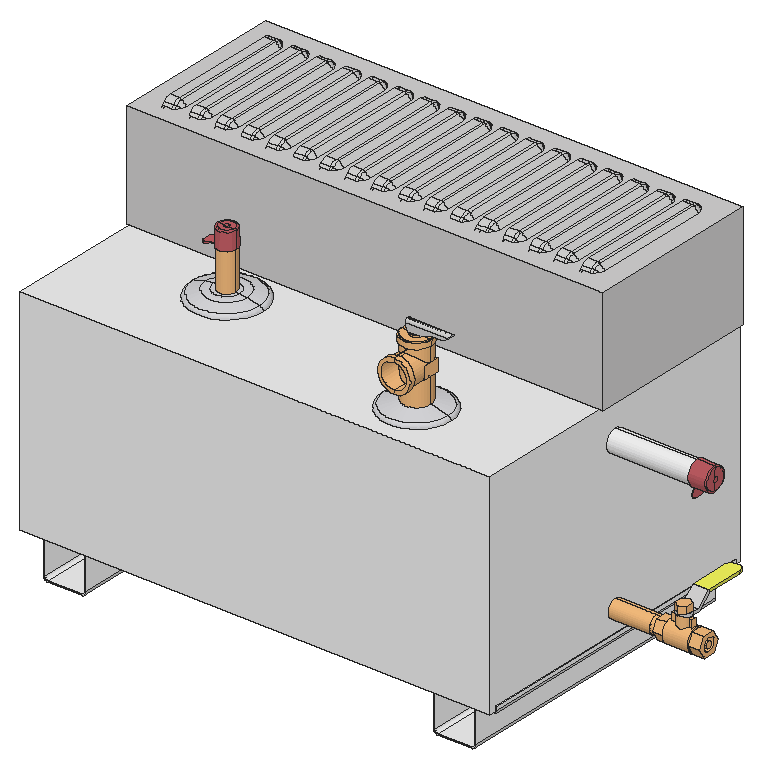
Revit family "Shower-Steam_Generator-KOHLER-Invigoration_Series-K-32334", category Plumbing Fixtures, host Face, Revit 2021 (continued)
Definition of nested family "K-32334"
  Lines and regions (in)
    Masking region 2
      outline origin (0, 0, 0) x (1, 0, 0) y (0, 0, 1)
        loop
          line (-8.96806, 4.8215) -> (-8.84613, 4.94343) -> (-8.84613, 5.37969) -> (-9.04298, 5.37969) -> (-9.04298, 5.68322)
          arc (-9.04298, 5.68322) -> (-9.02345, 5.78138) -> (-8.96785, 5.8646) r 0.25651
          line (-8.96785, 5.8646) -> (-8.84591, 5.98653) -> (-8.84591, 6.42279) -> (-9.04276, 6.42279) -> (-9.04276, 6.72632)
          arc (-9.04276, 6.72632) -> (-9.02324, 6.82448) -> (-8.96764, 6.90769) r 0.25651
          line (-8.96764, 6.90769) -> (-8.8457, 7.02963) -> (-8.8457, 7.46589) -> (-9.04255, 7.46589) -> (-9.04255, 7.76941)
          arc (-9.04255, 7.76941) -> (-9.02303, 7.86758) -> (-8.96742, 7.95079) r 0.25651
          line (-8.96742, 7.95079) -> (-8.84549, 8.07273) -> (-8.84549, 8.46199)
          arc (-8.84549, 8.46199) -> (-8.85054, 8.49091) -> (-8.85927, 8.51894) r 0.22767
          line (-8.85927, 8.51894) -> (-8.89475, 8.61134)
          arc (-8.89475, 8.61134) -> (-8.90291, 8.64358) -> (-8.90566, 8.67672) r 0.20122
          line (-8.90566, 8.67672) -> (-8.90566, 9.03915) -> (-8.90566, 9.33683) -> (-8.86622, 9.33683) -> (-8.86622, 9.48819)
          arc (-8.86622, 9.48819) -> (-8.84316, 9.54387) -> (-8.78748, 9.56693) r 0.07874
          arc (-8.78748, 9.56693) -> (-8.84316, 9.58999) -> (-8.86622, 9.64567) r 0.07874
          line (-8.86622, 9.64567) -> (-8.86622, 12.79703) -> (-8.90551, 12.79703) -> (-8.90551, 12.69562) -> (-8.9685, 12.69562) -> (-8.9685, 12.79013) -> (-9.22256, 12.79013) -> (-9.22256, 12.94788) -> (-8.9685, 12.94788) -> (-8.9685, 13.47515)
          arc (-8.9685, 13.47515) -> (-8.95005, 13.51969) -> (-8.90551, 13.53937) r 0.06299
          line (-8.90551, 13.53937) -> (-8.1811, 13.53937) -> (-8.1811, 13.73509) -> (-7.83239, 13.73509)
          arc (-7.83239, 13.73509) -> (-7.78719, 13.7261) -> (-7.74887, 13.7005) r 0.11811
          line (-7.74887, 13.7005) -> (-7.58775, 13.53937) -> (-7.19291, 13.53937) -> (-7.19291, 13.73509) -> (-6.8442, 13.73509)
          arc (-6.8442, 13.73509) -> (-6.799, 13.7261) -> (-6.76068, 13.7005) r 0.11811
          line (-6.76068, 13.7005) -> (-6.59956, 13.53937) -> (-6.21088, 13.53937) -> (-6.21088, 13.73509) -> (-5.86216, 13.73509)
          arc (-5.86216, 13.73509) -> (-5.81697, 13.7261) -> (-5.77865, 13.7005) r 0.11811
          line (-5.77865, 13.7005) -> (-5.61752, 13.53937) -> (-5.22576, 13.53937) -> (-5.22576, 13.73509) -> (-4.87705, 13.73509)
          arc (-4.87705, 13.73509) -> (-4.83185, 13.7261) -> (-4.79353, 13.7005) r 0.11811
          line (-4.79353, 13.7005) -> (-4.63241, 13.53937) -> (-4.24373, 13.53937) -> (-4.24373, 13.73509) -> (-3.89501, 13.73509)
          arc (-3.89501, 13.73509) -> (-3.84981, 13.7261) -> (-3.8115, 13.7005) r 0.11811
          line (-3.8115, 13.7005) -> (-3.65037, 13.53937) -> (-3.25554, 13.53937) -> (-3.25554, 13.73509) -> (-2.90682, 13.73509)
          arc (-2.90682, 13.73509) -> (-2.86163, 13.7261) -> (-2.82331, 13.7005) r 0.11811
          line (-2.82331, 13.7005) -> (-2.66218, 13.53937) -> (-2.27196, 13.53937) -> (-2.27196, 13.73509) -> (-1.92325, 13.73509)
          arc (-1.92325, 13.73509) -> (-1.87805, 13.7261) -> (-1.83973, 13.7005) r 0.11811
          line (-1.83973, 13.7005) -> (-1.6786, 13.53937) -> (-1.2849, 13.53937) -> (-1.2849, 13.73509) -> (-0.93619, 13.73509)
          arc (-0.93619, 13.73509) -> (-0.89099, 13.7261) -> (-0.85268, 13.7005) r 0.11811
          line (-0.85268, 13.7005) -> (-0.69155, 13.53937) -> (-0.30527, 13.53937) -> (-0.30527, 13.73509) -> (0.04345, 13.73509)
          arc (0.04345, 13.73509) -> (0.08864, 13.7261) -> (0.12696, 13.7005) r 0.11811
          line (0.12696, 13.7005) -> (0.28809, 13.53937) -> (0.68102, 13.53937) -> (0.68102, 13.73509) -> (1.02973, 13.73509)
          arc (1.02973, 13.73509) -> (1.07493, 13.7261) -> (1.11325, 13.7005) r 0.11811
          line (1.11325, 13.7005) -> (1.27438, 13.53937) -> (1.665, 13.53937) -> (1.665, 13.73509) -> (2.01372, 13.73509)
          arc (2.01372, 13.73509) -> (2.05891, 13.7261) -> (2.09723, 13.7005) r 0.11811
          line (2.09723, 13.7005) -> (2.25836, 13.53937) -> (2.64975, 13.53937) -> (2.64975, 13.73509) -> (2.99847, 13.73509)
          arc (2.99847, 13.73509) -> (3.04366, 13.7261) -> (3.08198, 13.7005) r 0.11811
          line (3.08198, 13.7005) -> (3.24311, 13.53937) -> (3.63374, 13.53937) -> (3.63374, 13.73509) -> (3.98245, 13.73509)
          arc (3.98245, 13.73509) -> (4.02765, 13.7261) -> (4.06596, 13.7005) r 0.11811
          line (4.06596, 13.7005) -> (4.22709, 13.53937) -> (4.61849, 13.53937) -> (4.61849, 13.73509) -> (4.9672, 13.73509)
          arc (4.9672, 13.73509) -> (5.0124, 13.7261) -> (5.05071, 13.7005) r 0.11811
          line (5.05071, 13.7005) -> (5.21184, 13.53937) -> (5.60324, 13.53937) -> (5.60324, 13.73509) -> (5.95195, 13.73509)
          arc (5.95195, 13.73509) -> (5.99715, 13.7261) -> (6.03546, 13.7005) r 0.11811
          line (6.03546, 13.7005) -> (6.19659, 13.53937) -> (6.58568, 13.53937) -> (6.58568, 13.73509) -> (6.93439, 13.73509)
          arc (6.93439, 13.73509) -> (6.97959, 13.7261) -> (7.01791, 13.7005) r 0.11811
          line (7.01791, 13.7005) -> (7.17904, 13.53937) -> (7.5712, 13.53937) -> (7.5712, 13.73509) -> (7.91991, 13.73509)
          arc (7.91991, 13.73509) -> (7.96511, 13.7261) -> (8.00343, 13.7005) r 0.11811
          line (8.00343, 13.7005) -> (8.16455, 13.53937) -> (8.90551, 13.53937)
          arc (8.90551, 13.53937) -> (8.95005, 13.52092) -> (8.9685, 13.47638) r 0.06299
          line (8.9685, 13.47638) -> (8.9685, 12.69562) -> (8.86614, 12.69562) -> (8.86614, 9.64567)
          arc (8.86614, 9.64567) -> (8.84308, 9.58999) -> (8.7874, 9.56693) r 0.07874
          arc (8.7874, 9.56693) -> (8.84308, 9.54387) -> (8.86614, 9.48819) r 0.07874
          line (8.86614, 9.48819) -> (8.86614, 9.33662) -> (8.90551, 9.33662) -> (8.90551, 8.63656) -> (11.91339, 8.63656) -> (11.9685, 8.63469) -> (11.9685, 8.67413) -> (12.59586, 8.65222)
          arc (12.59586, 8.65222) -> (12.62281, 8.64022) -> (12.63386, 8.61287) r 0.03937
          line (12.63386, 8.61287) -> (12.63386, 8.22441) -> (12.63386, 7.83595)
          arc (12.63386, 7.83595) -> (12.62281, 7.8086) -> (12.59586, 7.7966) r 0.03937
          line (12.59586, 7.7966) -> (12.00244, 7.77588) -> (12.00244, 7.4267) -> (11.9685, 7.4267) -> (11.9685, 7.77469) -> (11.9685, 7.81412) -> (11.91339, 7.81225) -> (8.86614, 7.81225) -> (8.86614, 2.89247) -> (10.43701, 2.89247) -> (10.61381, 2.88699) -> (10.61381, 2.9401) -> (10.98905, 2.9401) -> (10.98905, 2.98291) -> (11.08211, 2.98204) -> (11.08211, 3.25783) -> (11.20932, 3.25783) -> (11.20932, 3.30684) -> (11.15807, 3.30684) -> (11.15807, 3.40685) -> (11.15807, 3.8346) -> (11.75843, 3.8346) -> (11.75843, 3.40685) -> (11.75843, 3.30684) -> (11.70719, 3.30684) -> (11.70719, 3.25783) -> (11.8344, 3.25783) -> (11.8344, 2.98204) -> (11.92745, 2.98291) -> (11.92745, 2.9401) -> (12.39272, 2.9401) -> (12.39272, 2.55906) -> (12.39272, 2.17801) -> (11.92745, 2.17801) -> (11.92745, 2.13128) -> (10.98905, 2.13128) -> (10.98905, 2.176) -> (10.61353, 2.176) -> (10.61353, 2.22922) -> (10.43701, 2.22318) -> (8.86614, 2.22318) -> (8.86614, 1.54208)
          arc (8.86614, 1.54208) -> (8.87773, 1.55597) -> (8.88189, 1.57357) r 0.03937
          line (8.88189, 1.57357) -> (8.88189, 1.73105) -> (8.92126, 1.73105) -> (8.92126, 1.57357)
          arc (8.92126, 1.57357) -> (8.8982, 1.5179) -> (8.84252, 1.49483) r 0.07874
          line (8.84252, 1.49483) -> (8.24803, 1.49483)
          arc (8.24803, 1.49483) -> (8.16451, 1.46024) -> (8.12992, 1.37672) r 0.11811
          line (8.12992, 1.37672) -> (8.12992, 0.15748)
          arc (8.12992, 0.15748) -> (8.0838, 0.04612) -> (7.97244, 0) r 0.15748
          line (7.97244, 0) -> (6.70472, 0)
          arc (6.70472, 0) -> (6.59337, 0.04612) -> (6.54724, 0.15748) r 0.15748
          line (6.54724, 0.15748) -> (6.54724, 1.37672)
          arc (6.54724, 1.37672) -> (6.51265, 1.46024) -> (6.42913, 1.49483) r 0.11811
          line (6.42913, 1.49483) -> (6.0748, 1.49483) -> (6.0748, 1.5342) -> (-6.0748, 1.5342) -> (-6.0748, 1.49483) -> (-6.42913, 1.49483)
          arc (-6.42913, 1.49483) -> (-6.51265, 1.46024) -> (-6.54724, 1.37672) r 0.11811
          line (-6.54724, 1.37672) -> (-6.54724, 0.15748)
          arc (-6.54724, 0.15748) -> (-6.59337, 0.04612) -> (-6.70472, 0) r 0.15748
          line (-6.70472, 0) -> (-7.97244, 0)
          arc (-7.97244, 0) -> (-8.0838, 0.04612) -> (-8.12992, 0.15748) r 0.15748
          line (-8.12992, 0.15748) -> (-8.12992, 1.37672)
          arc (-8.12992, 1.37672) -> (-8.16451, 1.46024) -> (-8.24803, 1.49483) r 0.11811
          line (-8.24803, 1.49483) -> (-8.84252, 1.49483)
          arc (-8.84252, 1.49483) -> (-8.8982, 1.5179) -> (-8.92126, 1.57357) r 0.07874
          line (-8.92126, 1.57357) -> (-8.92126, 1.73105) -> (-8.88189, 1.73105) -> (-8.88189, 1.57357)
          arc (-8.88189, 1.57357) -> (-8.87036, 1.54573) -> (-8.84252, 1.5342) r 0.03937
        loop
          line (8.24803, 1.5342) -> (6.42913, 1.5342)
          arc (6.42913, 1.5342) -> (6.54049, 1.48808) -> (6.58661, 1.37672) r 0.15748
          line (6.58661, 1.37672) -> (6.58661, 0.15625)
          arc (6.58661, 0.15625) -> (6.62121, 0.07273) -> (6.70472, 0.03814) r 0.11811
          line (6.70472, 0.03814) -> (7.97244, 0.03814)
          arc (7.97244, 0.03814) -> (8.05596, 0.07273) -> (8.09055, 0.15625) r 0.11811
          line (8.09055, 0.15625) -> (8.09055, 1.37672)
          arc (8.09055, 1.37672) -> (8.13668, 1.48808) -> (8.24803, 1.5342) r 0.15748
        loop
          arc (-8.24803, 1.5342) -> (-8.13668, 1.48808) -> (-8.09055, 1.37672) r 0.15748
          line (-8.09055, 1.37672) -> (-8.09055, 0.15625)
          arc (-8.09055, 0.15625) -> (-8.05596, 0.07273) -> (-7.97244, 0.03814) r 0.11811
          line (-7.97244, 0.03814) -> (-6.70472, 0.03814)
          arc (-6.70472, 0.03814) -> (-6.62121, 0.07273) -> (-6.58661, 0.15625) r 0.11811
          line (-6.58661, 0.15625) -> (-6.58661, 1.37672)
          arc (-6.58661, 1.37672) -> (-6.54049, 1.48808) -> (-6.42913, 1.5342) r 0.15748
          line (-6.42913, 1.5342) -> (-8.24803, 1.5342)
    Masking region 3
      outline origin (0, 0, 0) x (1, 0, 0) y (0, 1, 0)
        loop
          line (-8.9685, 5.86811) -> (-8.9685, 5.75009) -> (-9.22301, 5.75009) -> (-9.22301, 5.59248) -> (-8.9685, 5.59248) -> (-8.9685, 5.11323)
          arc (-8.9685, 5.11323) -> (-9.02383, 5.03327) -> (-9.04331, 4.93801) r 0.2426
          line (-9.04331, 4.93801) -> (-9.04331, 3.13637)
          arc (-9.04331, 3.13637) -> (-9.02379, 3.04283) -> (-8.9685, 2.9649) r 0.23393
          line (-8.9685, 2.9649) -> (-8.9685, -0.70669) -> (-8.92126, -0.70669) -> (-8.92126, -2.93435) -> (-8.97074, -2.98383)
          arc (-8.97074, -2.98383) -> (-9.02445, -3.06421) -> (-9.04331, -3.15903) r 0.24776
          line (-9.04331, -3.15903) -> (-9.04331, -4.95923)
          arc (-9.04331, -4.95923) -> (-9.02533, -5.04963) -> (-8.97412, -5.12626) r 0.23622
          line (-8.97412, -5.12626) -> (-8.92126, -5.17912) -> (-8.92126, -5.63974) -> (-8.86618, -5.63974) -> (-8.86618, -5.86811) -> (8.92126, -5.86811) -> (8.92126, -0.70667) -> (8.9685, -0.70667) -> (8.9685, -0.42325) -> (10.61417, -0.42325) -> (10.61417, -0.45402) -> (10.98889, -0.45402) -> (10.98889, -0.42325) -> (11.96844, -0.42325) -> (11.96844, -0.45992) -> (12.59586, -0.43801)
          arc (12.59586, -0.43801) -> (12.62281, -0.42601) -> (12.63386, -0.39866) r 0.03937
          line (12.63386, -0.39866) -> (12.63386, -0.00984) -> (12.63386, 0.37898)
          arc (12.63386, 0.37898) -> (12.62281, 0.40633) -> (12.59586, 0.41832) r 0.03937
          line (12.59586, 0.41832) -> (11.96844, 0.44023) -> (11.96844, 0.40357) -> (11.758, 0.40357) -> (11.758, 2.23515)
          arc (11.758, 2.23515) -> (11.45813, 2.53502) -> (11.15826, 2.23515) r 0.29987
          line (11.15826, 2.23515) -> (11.15826, 0.40357) -> (10.98889, 0.40357) -> (10.98889, 0.43433) -> (10.61417, 0.43433) -> (10.61417, 0.40357) -> (8.9685, 0.40357) -> (8.9685, 5.86811) -> (-8.9685, 5.86811)
    symbolic lines, detail levels medium+fine
      curve 1: line (0, -3.92137, 12.11615) -> (0, -3.95316, 12.11615)
      curve 2: line (0, -3.92137, 12.11615) -> (0, -3.92137, 12.38217)
      curve 3: line (0, -4.09019, 12.11615) -> (0, -4.09019, 12.38217)
      curve 4: line (0, -3.95316, 12.11615) -> (0, -4.0584, 12.11615)
      curve 5: line (0, -3.95316, 12.11615) -> (0, -3.95316, 12.23592)
      curve 6: line (0, -4.0584, 12.11615) -> (0, -4.0584, 12.23592)
      curve 7: line (0, -4.0584, 12.11615) -> (0, -4.09019, 12.11615)
      curve 8: arc (0, -3.93239, 12.33255) -> (0, -4.00578, 12.38027) -> (0, -4.07918, 12.33255) r 0.0803
      curve 9: arc (0, -4.0584, 12.23592) -> (0, -4.04859, 12.28858) -> (0, -4.07918, 12.33255) r 0.06945
      curve 10: arc (0, -3.95316, 12.23592) -> (0, -3.96297, 12.28857) -> (0, -3.93239, 12.33255) r 0.06945
      curve 11: line (0, 5.62992, 1.53543) -> (0, -5.63976, 1.53543)
      curve 12: line (0, 5.62992, 1.49483) -> (0, -5.63976, 1.49483)
      curve 13: arc (0, 5.76971, 12.86885) -> (0, 5.67128, 12.77042) -> (0, 5.57286, 12.86885) r 0.09843
      curve 14: arc (0, 5.57286, 12.86885) -> (0, 5.67128, 12.96727) -> (0, 5.76971, 12.86885) r 0.09843
      curve 15: arc (0, 5.75002, 12.86885) -> (0, 5.67128, 12.94759) -> (0, 5.59254, 12.86885) r 0.07874
      curve 16: arc (0, 5.59254, 12.86885) -> (0, 5.67128, 12.79011) -> (0, 5.75002, 12.86885) r 0.07874
      curve 17: line (0, -5.26279, 9.56693) -> (0, -1.04434, 9.56693)
      curve 18: arc (0, -2.85366, 9.70264) -> (0, -3.00272, 9.74952) -> (0, -3.1535, 9.79048) r 3.96332
      curve 19: arc (0, -2.74899, 9.56693) -> (0, -2.78073, 9.65067) -> (0, -2.85366, 9.70264) r 0.15416
      curve 20: line (0, -4.53708, 9.85827) -> (0, -3.47464, 9.85768)
      curve 21: line (0, -5.16334, 9.69925) -> (0, -2.85366, 9.70264)
      curve 22: line (0, -2.67757, 9.86102) -> (0, -2.00784, 9.86102)
      curve 23: line (0, -1.11089, 9.68361) -> (0, -2.85366, 9.70264)
      curve 24: line (0, -3.69162, 11.29819) -> (0, -4.32094, 11.29819)
      curve 25: line (0, -4.32094, 11.29819) -> (0, -4.32094, 10.84562)
      curve 26: line (0, -4.32094, 10.84562) -> (0, -3.69162, 10.84562)
      curve 27: line (0, -3.69162, 10.84562) -> (0, -3.69162, 11.29819)
      curve 28: arc (0, -4.53708, 11.67202) -> (0, -4.36978, 11.52003) -> (0, -4.19106, 11.38167) r 2.87177
      curve 29: arc (0, -4.19106, 11.38167) -> (0, -4.10275, 11.33089) -> (0, -4.00628, 11.29819) r 0.52302
      curve 30: arc (0, -4.53708, 10.5327) -> (0, -4.41963, 10.63853) -> (0, -4.299, 10.74071) r 5.1795
      curve 31: arc (0, -4.299, 10.74071) -> (0, -4.2257, 10.79617) -> (0, -4.14821, 10.84562) r 1.15289
      curve 32: line (0, -4.87186, 11.67202) -> (0, -4.87186, 10.5327)
      curve 33: line (0, -4.53708, 11.84909) -> (0, -3.47464, 11.84909)
      curve 34: line (0, -4.53743, 12.04594) -> (0, -3.47428, 12.04594)
      curve 35: line (0, -4.24209, 12.0854) -> (0, -3.76962, 12.0854)
      curve 36: line (0, -4.12396, 12.11615) -> (0, -4.09019, 12.11615)
      curve 37: line (0, -3.92137, 12.11615) -> (0, -3.88776, 12.11615)
      curve 38: arc (0, -4.09019, 12.38217) -> (0, -4.00578, 12.46658) -> (0, -3.92137, 12.38217) r 0.08441
      curve 39: line (0, -2.67757, 11.31999) -> (0, -2.00784, 11.31999)
      curve 40: line (0, -2.6932, 11.94186) -> (0, -1.99221, 11.94186)
      curve 41: line (0, -0.27308, 3.65714) -> (0, 0.25261, 3.65714)
      curve 42: line (0, 0.25261, 3.65714) -> (0, 0.25261, 3.40693)
      curve 43: line (0, 0.25261, 3.40693) -> (0, 0.30593, 3.40693)
      curve 44: line (0, 0.30593, 3.40693) -> (0, 0.80959, 3.83434)
      curve 45: line (0, 0.80959, 3.83434) -> (0, 2.53801, 3.83434)
      curve 46: line (0, 2.53801, 3.83434) -> (0, 2.53801, 3.73467)
      curve 47: line (0, 2.53801, 3.73467) -> (0, 0.84662, 3.73467)
      curve 48: line (0, 0.84662, 3.73467) -> (0, 0.34247, 3.30685)
      curve 49: line (0, 0.23874, 3.30685) -> (0, 0.34247, 3.30685)
      curve 50: line (0, 0.23874, 3.30685) -> (0, 0.23874, 2.899)
      curve 51: arc (0, 0.17718, 2.93638) -> (0, -0.00984, 2.98019) -> (0, -0.19686, 2.93638) r 0.42113
      curve 52: line (0, -0.22769, 2.93638) -> (0, -0.24311, 2.90969)
      curve 53: line (0, -0.44554, 2.55906) -> (0, -0.43013, 2.53236)
      curve 54: line (0, -0.22769, 2.18173) -> (0, -0.19686, 2.18173)
      curve 55: line (0, 0.20801, 2.18173) -> (0, 0.22342, 2.20843)
      curve 56: line (0, 0.42586, 2.55906) -> (0, 0.41044, 2.58575)
      curve 57: line (0, 0.20801, 2.93638) -> (0, 0.17718, 2.93638)
      curve 58: line (0, 0.17718, 2.93638) -> (0, -0.19686, 2.93638)
      curve 59: line (0, 0.22342, 2.90969) -> (0, 0.20801, 2.93638)
      curve 60: line (0, 0.41044, 2.58575) -> (0, 0.22342, 2.90969)
      curve 61: arc (0, 0.41044, 2.58575) -> (0, 0.35487, 2.76962) -> (0, 0.22342, 2.90969) r 0.42113
      curve 62: line (0, 0.41044, 2.53236) -> (0, 0.42586, 2.55906)
      curve 63: line (0, 0.22342, 2.20843) -> (0, 0.41044, 2.53236)
      curve 64: arc (0, 0.22342, 2.20843) -> (0, 0.31935, 2.29641) -> (0, 0.38384, 2.40948) r 0.42113
      curve 65: line (0, 0.17718, 2.18173) -> (0, 0.20801, 2.18173)
      curve 66: line (0, -0.19686, 2.18173) -> (0, 0.17718, 2.18173)
      curve 67: arc (0, -0.19686, 2.18173) -> (0, -0.00984, 2.13792) -> (0, 0.17718, 2.18173) r 0.42113
      curve 68: line (0, -0.24311, 2.20843) -> (0, -0.22769, 2.18173)
      curve 69: line (0, -0.43013, 2.53236) -> (0, -0.24311, 2.20843)
      curve 70: arc (0, -0.43013, 2.53236) -> (0, -0.42144, 2.46992) -> (0, -0.40352, 2.40948) r 0.42113
      curve 71: line (0, -0.43013, 2.58575) -> (0, -0.44554, 2.55906)
      curve 72: line (0, -0.24311, 2.90969) -> (0, -0.43013, 2.58575)
      curve 73: arc (0, -0.24311, 2.90969) -> (0, -0.37456, 2.76962) -> (0, -0.43013, 2.58575) r 0.42113
      curve 74: line (0, -0.19686, 2.93638) -> (0, -0.22769, 2.93638)
      curve 75: circle (0, -0.00984, 2.55906) r 0.29715 normal (1, 0, 0)
      curve 76: circle (0, -0.00984, 2.55906) r 0.25074 normal (1, 0, 0)
      curve 77: line (0, -0.40352, 1.73105) -> (0, -0.40352, 2.40948)
      curve 78: arc (0, -0.40352, 2.40948) -> (0, -0.33904, 2.29641) -> (0, -0.24311, 2.20843) r 0.42113
      curve 79: line (0, 0.38384, 1.73105) -> (0, 0.38384, 2.40948)
      curve 80: arc (0, 0.38384, 2.40948) -> (0, 0.40175, 2.46992) -> (0, 0.41044, 2.53236) r 0.42113
      curve 81: line (0, -5.63976, 1.73105) -> (0, -5.63976, 1.53543)
      curve 82: line (0, -5.63976, 1.73105) -> (0, 5.62992, 1.73105)
      curve 83: line (0, 5.62992, 1.73105) -> (0, 5.62992, 1.53543)
      curve 84: circle (0, 2.57772, 10.82159) r 0.86614 normal (1, 0, 0)
      curve 85: line (0, -0.50195, 9.33662) -> (0, -5.86811, 9.33662)
      curve 86: line (0, -0.50195, 9.33662) -> (0, -0.50195, 7.99498)
      curve 87: arc (0, 0.48231, 7.99498) -> (0, 0.41647, 7.74908) -> (0, 0.23657, 7.56898) r 0.49213
      curve 88: line (0, 0.48231, 7.99498) -> (0, 0.48231, 9.33662)
      curve 89: line (0, 5.86811, 9.33662) -> (0, 0.48231, 9.33662)
      curve 90: circle (0, -0.00984, 8.22441) r 0.44757 normal (1, 0, 0)
      curve 91: circle (0, -0.00984, 8.22441) r 0.38747 normal (1, 0, 0)
      curve 92: arc (0, -0.25651, 7.56915) -> (0, -0.43619, 7.74923) -> (0, -0.50195, 7.99498) r 0.49213
      curve 93: line (0, -0.00984, 7.42676) -> (0, -0.11094, 7.42676)
      curve 94: line (0, -0.00984, 7.42676) -> (0, 0.09126, 7.42676)
      curve 95: arc (0, -0.11094, 7.42676) -> (0, -0.21276, 7.46828) -> (0, -0.25651, 7.56915) r 0.14561
      curve 96: arc (0, 0.09126, 7.42676) -> (0, 0.19292, 7.46823) -> (0, 0.23657, 7.56898) r 0.14535
      curve 97: line (0, -0.16101, 7.80315) -> (0, -0.16101, 7.72243)
      curve 98: arc (0, -0.25651, 7.56915) -> (0, -0.25203, 7.62152) -> (0, -0.22808, 7.6683) r 0.13645
      curve 99: arc (0, -0.22808, 7.6683) -> (0, -0.1976, 7.69915) -> (0, -0.16101, 7.72243) r 0.19323
      curve 100: arc (0, 0.23683, 7.56915) -> (0, 0.23234, 7.62152) -> (0, 0.20839, 7.6683) r 0.13645
      curve 101: arc (0, 0.20839, 7.6683) -> (0, 0.17792, 7.69915) -> (0, 0.14133, 7.72243) r 0.19323
      curve 102: line (0, -0.16432, 7.64845) -> (0, 0.14383, 7.64845)
      curve 103: line (0, 0.14383, 7.60112) -> (0, -0.16432, 7.60112)
      curve 104: arc (0, -0.16432, 7.60112) -> (0, -0.18798, 7.62479) -> (0, -0.16432, 7.64845) r 0.02366
      curve 105: arc (0, 0.14383, 7.64845) -> (0, 0.16749, 7.62479) -> (0, 0.14383, 7.60112) r 0.02366
      curve 106: line (0, -0.16432, 7.55776) -> (0, 0.14383, 7.55776)
      curve 107: line (0, 0.14383, 7.51044) -> (0, -0.16432, 7.51044)
      curve 108: arc (0, -0.16432, 7.51044) -> (0, -0.18798, 7.5341) -> (0, -0.16432, 7.55776) r 0.02366
      curve 109: arc (0, 0.14383, 7.55776) -> (0, 0.16749, 7.5341) -> (0, 0.14383, 7.51044) r 0.02366
      curve 110: arc (0, 5.43309, 9.05389) -> (0, 5.50199, 9.12279) -> (0, 5.57089, 9.05389) r 0.0689
      curve 111: arc (0, 5.57089, 9.05389) -> (0, 5.50199, 8.98499) -> (0, 5.43309, 9.05389) r 0.0689
      curve 112: arc (0, 5.60042, 9.05389) -> (0, 5.50199, 9.15231) -> (0, 5.40357, 9.05389) r 0.09843
      curve 113: arc (0, 5.40357, 9.05389) -> (0, 5.50199, 8.95546) -> (0, 5.60042, 9.05389) r 0.09843
      curve 114: arc (0, -5.42321, 9.05389) -> (0, -5.52163, 9.15231) -> (0, -5.62006, 9.05389) r 0.09843
      curve 115: arc (0, -5.62006, 9.05389) -> (0, -5.52163, 8.95546) -> (0, -5.42321, 9.05389) r 0.09843
      curve 116: arc (0, -5.59053, 9.05389) -> (0, -5.52163, 8.98499) -> (0, -5.45273, 9.05389) r 0.0689
      curve 117: arc (0, -5.45273, 9.05389) -> (0, -5.52163, 9.12279) -> (0, -5.59053, 9.05389) r 0.0689
      curve 118: line (0, -0.27308, 3.65714) -> (0, -0.27308, 3.40693)
      curve 119: line (0, -0.2592, 3.30685) -> (0, -0.2592, 2.89843)
      curve 120: line (0, -0.27308, 3.40693) -> (0, -0.22793, 3.40693)
      curve 121: line (0, -0.22793, 3.40693) -> (0, -0.22793, 3.30685)
      curve 122: line (0, -0.2592, 3.30685) -> (0, -0.22793, 3.30685)
      curve 123: line (0, -0.22793, 3.40693) -> (0, 0.25261, 3.40693)
      curve 124: line (0, -0.22793, 3.30685) -> (0, 0.23874, 3.30685)
      curve 125: line (0, 2.23618, 3.83434) -> (0, 2.23618, 3.73467)
      curve 126: line (0, -0.59307, 9.56693) -> (0, 5.86811, 9.56693)
      curve 127: line (0, -0.64368, 9.62869) -> (0, 5.86811, 9.62869)
      curve 128: line (11.9685, 0, 7.77469) -> (12.00244, 0, 7.77588)
      curve 129: line (11.9685, 0, 8.63469) -> (11.9685, 0, 7.81412)
      curve 130: line (11.15807, 0, 3.40685) -> (11.22757, 0, 3.40685)
      curve 131: line (11.75843, 0, 3.40685) -> (11.6886, 0, 3.40685)
      curve 132: line (11.22757, 0, 3.65737) -> (11.6886, 0, 3.65737)
      curve 133: line (11.22757, 0, 3.40685) -> (11.22757, 0, 3.65737)
      curve 134: line (11.6886, 0, 3.40685) -> (11.22757, 0, 3.40685)
      curve 135: line (11.6886, 0, 3.65737) -> (11.6886, 0, 3.40685)
      curve 136: line (11.46365, 0, 3.65737) -> (11.46365, 0, 3.40685)
      curve 137: line (11.20932, 0, 3.30684) -> (11.70719, 0, 3.30684)
      curve 138: line (11.70719, 0, 3.25783) -> (11.67429, 0, 3.25783)
      curve 139: line (11.67429, 0, 3.25783) -> (11.67429, 0, 2.9521)
      curve 140: line (11.20932, 0, 3.25783) -> (11.24222, 0, 3.25783)
      curve 141: line (11.24222, 0, 3.25783) -> (11.24222, 0, 2.96143)
      curve 142: arc (11.24222, 0, 2.96143) -> (11.45687, 0, 2.89256) -> (11.67429, 0, 2.9521) r 0.39565
      curve 143: line (11.24222, 0, 2.96143) -> (11.08211, 0, 2.98204)
      curve 144: line (11.67429, 0, 2.9521) -> (11.8344, 0, 2.98204)
      curve 145: line (6.42913, 0, 1.5342) -> (6.0748, 0, 1.5342)
      curve 146: line (8.24803, 0, 1.5342) -> (8.84646, 0, 1.5342)
      curve 147: line (-6.42913, 0, 1.5342) -> (-6.0748, 0, 1.5342)
      curve 148: line (-8.24803, 0, 1.5342) -> (-8.84676, 0, 1.5342)
      curve 149: line (-8.1811, 0, 13.53937) -> (-7.58775, 0, 13.53937)
      curve 150: line (-7.19291, 0, 13.53937) -> (-6.59956, 0, 13.53937)
      curve 151: line (-6.21088, 0, 13.53937) -> (-5.61752, 0, 13.53937)
      curve 152: line (-5.22576, 0, 13.53937) -> (-4.63241, 0, 13.53937)
      curve 153: line (-4.24373, 0, 13.53937) -> (-3.65037, 0, 13.53937)
      curve 154: line (-3.25554, 0, 13.53937) -> (-2.66218, 0, 13.53937)
      curve 155: line (-2.27196, 0, 13.53937) -> (-1.6786, 0, 13.53937)
      curve 156: line (-1.2849, 0, 13.53937) -> (-0.69155, 0, 13.53937)
      curve 157: line (-0.30527, 0, 13.53937) -> (0.28809, 0, 13.53937)
      curve 158: line (0.68102, 0, 13.53937) -> (1.27438, 0, 13.53937)
      curve 159: line (1.665, 0, 13.53937) -> (2.25836, 0, 13.53937)
      curve 160: line (2.64975, 0, 13.53937) -> (3.24311, 0, 13.53937)
      curve 161: line (3.63374, 0, 13.53937) -> (4.22709, 0, 13.53937)
      curve 162: line (4.61849, 0, 13.53937) -> (5.21184, 0, 13.53937)
      curve 163: line (5.60324, 0, 13.53937) -> (6.19659, 0, 13.53937)
      curve 164: line (6.58568, 0, 13.53937) -> (7.17904, 0, 13.53937)
      curve 165: line (7.5712, 0, 13.53937) -> (8.16455, 0, 13.53937)
      curve 166: arc (-5.17077, 0, 9.6993) -> (-4.8561, 0, 9.79049) -> (-4.53546, 0, 9.8577) r 4.34168
      curve 167: line (-4.24321, 0, 9.86206) -> (-4.45119, 0, 9.86206)
      curve 168: line (-8.9685, 0, 12.94788) -> (-8.9685, 0, 12.79013)
      curve 169: line (-8.90551, 0, 12.79703) -> (-8.90551, 0, 13.47515)
      curve 170: line (8.7874, 0, 13.47515) -> (-8.90551, 0, 13.47515)
      curve 171: line (8.7874, 0, 9.56693) -> (-8.37711, 0, 9.56693)
      curve 172: line (8.90551, 0, 8.63656) -> (8.86614, 0, 8.53069)
      curve 173: line (8.86614, 0, 9.33662) -> (8.86614, 0, 8.66907)
      curve 174: arc (8.85862, 0, 8.6276) -> (8.86425, 0, 8.648) -> (8.86614, 0, 8.66907) r 0.11811
      curve 175: line (8.85862, 0, 8.6276) -> (8.81711, 0, 8.5169)
      curve 176: arc (8.80855, 0, 8.48302) -> (8.81189, 0, 8.5002) -> (8.81711, 0, 8.5169) r 0.15748
      curve 177: line (8.86614, 0, 8.66907) -> (8.7874, 0, 8.66907)
      curve 178: line (8.7874, 0, 9.56693) -> (8.7874, 0, 8.66907)
      curve 179: line (8.7874, 0, 9.56693) -> (8.7874, 0, 13.47515)
      curve 180: arc (3.39933, 0, 9.70265) -> (3.70837, 0, 9.79387) -> (4.02405, 0, 9.85852) r 3.79209
      curve 181: arc (4.02405, 0, 9.85852) -> (4.03943, 0, 9.86037) -> (4.05491, 0, 9.86098) r 0.19356
      curve 182: line (4.05491, 0, 9.86098) -> (4.05491, 0, 10.80096)
      curve 183: arc (4.05491, 0, 10.80096) -> (4.04103, 0, 10.82211) -> (4.02965, 0, 10.84471) r 0.22212
      curve 184: arc (4.02965, 0, 10.84471) -> (3.98858, 0, 10.9708) -> (3.972, 0, 11.10236) r 0.70082
      curve 185: arc (3.972, 0, 11.10236) -> (3.99001, 0, 11.25524) -> (4.05182, 0, 11.39622) r 0.5222
      curve 186: line (4.05182, 0, 11.39622) -> (4.05495, 0, 11.84899)
      curve 187: line (4.05495, 0, 11.84899) -> (4.01148, 0, 11.84899)
      curve 188: line (4.01148, 0, 11.84899) -> (4.01148, 0, 12.04585)
      curve 189: line (4.01148, 0, 12.04585) -> (4.05501, 0, 12.04585)
      curve 190: line (4.05501, 0, 12.04585) -> (4.05501, 0, 12.08544)
      curve 191: line (4.05501, 0, 12.08544) -> (4.34625, 0, 12.08544)
      curve 192: line (4.34625, 0, 12.08544) -> (4.34625, 0, 12.11619)
      curve 193: line (4.26758, 0, 12.49885) -> (4.29264, 0, 12.24879)
      curve 194: arc (4.29264, 0, 12.24879) -> (4.30995, 0, 12.17865) -> (4.34625, 0, 12.11619) r 0.25492
      curve 195: line (5.11349, 0, 9.86098) -> (5.11349, 0, 10.80096)
      curve 196: arc (5.11349, 0, 10.80096) -> (5.12737, 0, 10.82211) -> (5.13875, 0, 10.84471) r 0.22212
      curve 197: arc (5.13875, 0, 10.84471) -> (5.17982, 0, 10.9708) -> (5.1964, 0, 11.10236) r 0.70082
      curve 198: arc (5.1964, 0, 11.10236) -> (5.17839, 0, 11.25524) -> (5.11658, 0, 11.39622) r 0.5222
      curve 199: line (5.11658, 0, 11.39622) -> (5.11345, 0, 11.84899)
      curve 200: line (5.11345, 0, 11.84899) -> (5.15692, 0, 11.84899)
      curve 201: line (5.15692, 0, 11.84899) -> (5.15692, 0, 12.04585)
      curve 202: line (5.15692, 0, 12.04585) -> (5.11339, 0, 12.04585)
      curve 203: line (5.11339, 0, 12.04585) -> (5.11339, 0, 12.08544)
      curve 204: line (5.11339, 0, 12.08544) -> (4.8506, 0, 12.08544)
      curve 205: line (4.8506, 0, 12.08544) -> (4.8506, 0, 12.11619)
      curve 206: arc (4.8506, 0, 12.11619) -> (5.00044, 0, 12.17857) -> (5.15692, 0, 12.22167) r 1.29184
      curve 207: arc (5.15692, 0, 12.22167) -> (5.34784, 0, 12.25166) -> (5.54081, 0, 12.26241) r 1.93032
      curve 208: arc (5.54081, 0, 12.26241) -> (5.71076, 0, 12.29322) -> (5.86005, 0, 12.38009) r 0.49939
      curve 209: arc (5.86005, 0, 12.38009) -> (5.90913, 0, 12.43402) -> (5.9425, 0, 12.49885) r 0.27795
      curve 210: line (4.26758, 0, 12.49885) -> (5.9425, 0, 12.49885)
      curve 211: line (5.86005, 0, 12.38009) -> (4.27948, 0, 12.38009)
      curve 212: circle (4.58235, 0, 12.28254) r 0.04971 normal (0, -1, 0)
      curve 213: arc (4.11094, 0, 11.30424) -> (4.07079, 0, 11.10236) -> (4.11094, 0, 10.90049) r 0.52764
      curve 214: line (4.05491, 0, 9.86098) -> (5.11349, 0, 9.86098)
      curve 215: arc (5.11349, 0, 9.86098) -> (5.42779, 0, 9.78892) -> (5.73251, 0, 9.68348) r 2.99461
      curve 216: arc (5.73251, 0, 9.68348) -> (5.75977, 0, 9.66788) -> (5.78197, 0, 9.64567) r 0.11852
      curve 217: arc (3.29004, 0, 9.56693) -> (3.32505, 0, 9.6506) -> (3.39933, 0, 9.70265) r 0.16314
      curve 218: line (3.39933, 0, 9.70265) -> (5.73251, 0, 9.68348)
      curve 219: arc (4.05182, 0, 11.39622) -> (4.5842, 0, 11.71727) -> (5.11658, 0, 11.39622) r 0.60193
      curve 220: arc (4.05491, 0, 10.80096) -> (4.5842, 0, 10.48652) -> (5.11349, 0, 10.80096) r 0.6027
      curve 221: line (4.11094, 0, 11.30424) -> (4.11094, 0, 10.90049)
      curve 222: arc (4.11094, 0, 10.90049) -> (4.59843, 0, 10.57473) -> (5.08591, 0, 10.90049) r 0.52764
      curve 223: line (5.08591, 0, 11.30424) -> (5.08591, 0, 10.90049)
      curve 224: arc (5.08591, 0, 11.30424) -> (4.59843, 0, 11.63) -> (4.11094, 0, 11.30424) r 0.52764
      curve 225: arc (5.08591, 0, 10.90049) -> (5.12606, 0, 11.10236) -> (5.08591, 0, 11.30424) r 0.52764
      curve 226: arc (-4.53546, 0, 9.8577) -> (-4.49345, 0, 9.86235) -> (-4.45119, 0, 9.86206) r 0.36109
      curve 227: arc (-5.27694, 0, 9.56693) -> (-5.26799, 0, 9.60546) -> (-5.24964, 0, 9.6405) r 0.15602
      curve 228: line (-4.24321, 0, 9.86206) -> (-4.24321, 0, 11.31952)
      curve 229: line (-4.24321, 0, 11.31952) -> (-4.6619, 0, 11.31952)
      curve 230: line (-4.6619, 0, 11.31952) -> (-4.6619, 0, 11.35025)
      curve 231: line (-4.6619, 0, 11.35025) -> (-4.27772, 0, 11.35025)
      curve 232: line (-4.27772, 0, 11.35025) -> (-4.25687, 0, 11.94739)
      curve 233: line (-4.21753, 0, 11.98538) -> (-3.60664, 0, 11.98538)
      curve 234: arc (-4.25687, 0, 11.94739) -> (-4.24487, 0, 11.97433) -> (-4.21753, 0, 11.98538) r 0.03937
      curve 235: line (-3.58096, 0, 9.86206) -> (-3.58096, 0, 11.31952)
      curve 236: line (-3.54537, 0, 11.31952) -> (-3.56729, 0, 11.94739)
      curve 237: arc (-3.56729, 0, 11.94739) -> (-3.57929, 0, 11.97433) -> (-3.60664, 0, 11.98538) r 0.03937
      curve 238: line (-3.58096, 0, 9.86206) -> (-3.52593, 0, 9.86206)
      curve 239: arc (-3.47369, 0, 9.85716) -> (-3.15409, 0, 9.78884) -> (-2.84055, 0, 9.69662) r 4.33084
      curve 240: arc (-3.52593, 0, 9.86206) -> (-3.4997, 0, 9.86083) -> (-3.47369, 0, 9.85716) r 0.28048
      curve 241: arc (-2.84055, 0, 9.69662) -> (-2.80018, 0, 9.67475) -> (-2.7696, 0, 9.6405) r 0.13357
      curve 242: line (-5.17077, 0, 9.6993) -> (-2.84055, 0, 9.69662)
      curve 243: line (-4.24321, 0, 9.86206) -> (-3.58096, 0, 9.86206)
      curve 244: line (-4.24321, 0, 11.31952) -> (-3.54537, 0, 11.31952)
      curve 245: line (-4.25687, 0, 11.94739) -> (-3.56729, 0, 11.94739)
      curve 246: line (-4.27772, 0, 11.35025) -> (-4.24321, 0, 11.35025)
      curve 247: line (-4.24321, 0, 11.31952) -> (-4.24321, 0, 11.35025)
      curve 248: line (-4.24321, 0, 11.35025) -> (-4.21192, 0, 11.94739)
      curve 249: arc (-4.21192, 0, 11.94739) -> (-4.20452, 0, 11.96981) -> (-4.18676, 0, 11.98538) r 0.04489
      curve 250: arc (8.38583, 0, 2.26255) -> (8.2874, 0, 2.16412) -> (8.18898, 0, 2.26255) r 0.09843
      curve 251: arc (8.18898, 0, 2.26255) -> (8.2874, 0, 2.36097) -> (8.38583, 0, 2.26255) r 0.09843
      curve 252: arc (8.3563, 0, 2.26255) -> (8.2874, 0, 2.19365) -> (8.2185, 0, 2.26255) r 0.0689
      curve 253: arc (8.2185, 0, 2.26255) -> (8.2874, 0, 2.33145) -> (8.3563, 0, 2.26255) r 0.0689
      curve 254: arc (-8.38583, 0, 2.26255) -> (-8.2874, 0, 2.36097) -> (-8.18898, 0, 2.26255) r 0.09843
      curve 255: arc (-8.18898, 0, 2.26255) -> (-8.2874, 0, 2.16412) -> (-8.38583, 0, 2.26255) r 0.09843
      curve 256: arc (-8.3563, 0, 2.26255) -> (-8.2874, 0, 2.19365) -> (-8.2185, 0, 2.26255) r 0.0689
      curve 257: arc (-8.2185, 0, 2.26255) -> (-8.2874, 0, 2.33145) -> (-8.3563, 0, 2.26255) r 0.0689
      curve 258: line (-8.86622, 0, 12.94067) -> (-8.90551, 0, 12.94067)
      curve 259: line (-8.86622, 0, 12.94067) -> (-8.86622, 0, 12.79703)
      curve 260: line (8.90551, 0, 12.69562) -> (8.90551, 0, 13.53937)
      curve 261: line (8.7874, 0, 13.47515) -> (8.90551, 0, 13.47515)
      curve 262: line (4.34625, 0, 12.11619) -> (4.8506, 0, 12.11619)
      curve 263: line (4.34625, 0, 12.08544) -> (4.8506, 0, 12.08544)
      curve 264: line (4.05501, 0, 12.04585) -> (5.11339, 0, 12.04585)
      curve 265: line (4.05495, 0, 11.84899) -> (5.11345, 0, 11.84899)
      curve 266: line (8.86614, 0, 7.81225) -> (8.86614, 0, 8.53069)
      curve 267: line (8.80855, 0, 8.48302) -> (8.33465, 0, 8.48302)
      curve 268: line (8.33465, 0, 8.48302) -> (8.33465, 0, 2.49022)
      curve 269: arc (8.33465, 0, 2.49022) -> (8.45964, 0, 2.40559) -> (8.50787, 0, 2.26255) r 0.23622
      curve 270: line (8.50787, 0, 1.54208) -> (8.50787, 0, 2.26255)
      curve 271: line (8.84646, 0, 8.48302) -> (8.80855, 0, 8.48302)
      curve 272: line (-8.78748, 0, 9.56693) -> (-8.37711, 0, 9.56693)
      curve 273: line (-8.86622, 0, 12.94067) -> (-8.86622, 0, 13.41609)
      curve 274: line (-8.80315, 0, 13.41609) -> (-8.80315, 0, 9.6405)
      curve 275: line (-8.80315, 0, 13.41609) -> (-8.86622, 0, 13.41609)
      curve 276: line (-8.80315, 0, 9.6405) -> (-5.24964, 0, 9.6405)
      curve 277: arc (-5.24964, 0, 9.6405) -> (-5.21496, 0, 9.67628) -> (-5.17077, 0, 9.6993) r 0.15602
      curve 278: line (-2.7696, 0, 9.6405) -> (3.31754, 0, 9.6405)
      curve 279: arc (-2.7696, 0, 9.6405) -> (-2.75419, 0, 9.60518) -> (-2.74951, 0, 9.56693) r 0.13357
      curve 280: line (8.86614, 0, 9.64567) -> (5.78197, 0, 9.64567)
      curve 281: arc (5.78197, 0, 9.64567) -> (5.8011, 0, 9.60846) -> (5.80611, 0, 9.56693) r 0.11852
      curve 282: line (12.59586, 0, 8.65222) -> (12.59586, 0, 7.7966)
      curve 283: line (-8.84549, 0, 8.07273) -> (-8.8457, 0, 7.46589)
      curve 284: line (-8.84591, 0, 6.42279) -> (-8.8457, 0, 7.02963)
      curve 285: line (-8.84613, 0, 5.37969) -> (-8.84591, 0, 5.98653)
      curve 286: line (-8.84634, 0, 4.3366) -> (-8.84613, 0, 4.94343)
      curve 287: line (-8.84655, 0, 3.2935) -> (-8.84634, 0, 3.90033)
      curve 288: line (-8.84676, 0, 2.2504) -> (-8.84655, 0, 2.85724)
      curve 289: line (-8.50778, 0, 1.5342) -> (-8.50778, 0, 2.2504)
      curve 290: arc (-8.50778, 0, 2.2504) -> (-8.46002, 0, 2.39873) -> (-8.3347, 0, 2.49134) r 0.25424
      curve 291: line (-8.3347, 0, 8.48324) -> (-8.3347, 0, 2.49134)
      curve 292: line (-8.81102, 0, 8.48324) -> (-8.3347, 0, 8.48324)
      curve 293: line (-8.81102, 0, 8.48324) -> (-8.85578, 0, 8.59984)
      curve 294: line (-8.86622, 0, 9.33683) -> (-8.86622, 0, 8.65617)
      curve 295: arc (-8.86622, 0, 8.65617) -> (-8.86359, 0, 8.62753) -> (-8.85578, 0, 8.59984) r 0.1572
      curve 296: line (-8.29134, 0, 9.6405) -> (-8.29134, 0, 9.56693)
      curve 297: line (8.28866, 0, 9.56693) -> (8.28866, 0, 9.64567)
      curve 298: line (8.84646, 0, 7.81225) -> (8.84646, 0, 8.48302)
      curve 299: line (10.61381, 0, 2.88699) -> (10.61353, 0, 2.22922)
      curve 300: line (10.98905, 0, 2.176) -> (10.98905, 0, 2.9401)
      curve 301: line (11.92745, 0, 2.9401) -> (11.92745, 0, 2.17801)
      curve 302: line (10.61417, 0.40357, 0) -> (10.98889, 0.40357, 0)
      curve 303: line (11.15826, 0.40357, 0) -> (11.758, 0.40357, 0)
      curve 304: line (11.15826, 0.80958, 0) -> (11.758, 0.80958, 0)
      curve 305: line (10.61417, -0.42325, 0) -> (10.98889, -0.42325, 0)
      curve 306: line (8.9685, 0.40357, 0) -> (8.9685, -0.42325, 0)
      curve 307: line (-8.9685, 5.75009, 0) -> (-8.9685, 5.59248, 0)
      curve 308: line (12.59586, 0.41832, 0) -> (12.59586, -0.43801, 0)
      curve 309: line (11.96844, 0.40357, 0) -> (11.96844, -0.42325, 0)
      curve 310: line (-8.17717, 5.1516, 0) -> (-8.17717, 0.00987, 0)
      curve 311: line (-7.58661, 4.78939, 0) -> (-7.58661, 0.37207, 0)
      curve 312: arc (-7.94882, 5.1516, 0) -> (-7.6927, 5.04551, 0) -> (-7.58661, 4.78939, 0) r 0.3622
      curve 313: line (-8.17717, 5.1516, 0) -> (-7.94882, 5.1516, 0)
      curve 314: arc (-7.58661, 0.37207, 0) -> (-7.6927, 0.11595, 0) -> (-7.94882, 0.00987, 0) r 0.3622
      curve 315: line (-7.94882, 0.00987, 0) -> (-8.17717, 0.00987, 0)
      curve 316: line (-8.17717, 0.19057, 0) -> (-7.92669, 0.19057, 0)
      curve 317: line (-8.17717, 4.95475, 0) -> (-7.92669, 4.95475, 0)
      curve 318: line (-7.76921, 4.79727, 0) -> (-7.76921, 0.34805, 0)
      curve 319: arc (-7.92669, 0.19057, 0) -> (-7.81534, 0.2367, 0) -> (-7.76921, 0.34805, 0) r 0.15748
      curve 320: arc (-7.92669, 4.95475, 0) -> (-7.81534, 4.90862, 0) -> (-7.76921, 4.79727, 0) r 0.15748
      curve 321: line (-7.94882, 5.1516, 0) -> (-7.94882, 4.95475, 0)
      curve 322: line (-7.58661, 4.78939, 0) -> (-7.76921, 4.78939, 0)
      curve 323: line (-7.58661, 0.37207, 0) -> (-7.76921, 0.37207, 0)
      curve 324: line (-7.94882, 0.00987, 0) -> (-7.94882, 0.19057, 0)
      curve 325: line (-7.19291, 5.1516, 0) -> (-7.19291, 0.00987, 0)
      curve 326: line (-6.60236, 4.78939, 0) -> (-6.60236, 0.37207, 0)
      curve 327: arc (-6.96457, 5.1516, 0) -> (-6.70845, 5.04551, 0) -> (-6.60236, 4.78939, 0) r 0.3622
      curve 328: line (-7.19291, 5.1516, 0) -> (-6.96457, 5.1516, 0)
      curve 329: arc (-6.60236, 0.37207, 0) -> (-6.70845, 0.11595, 0) -> (-6.96457, 0.00987, 0) r 0.3622
      curve 330: line (-6.96457, 0.00987, 0) -> (-7.19291, 0.00987, 0)
      curve 331: line (-7.19291, 0.19057, 0) -> (-6.94244, 0.19057, 0)
      curve 332: line (-7.19291, 4.95475, 0) -> (-6.94244, 4.95475, 0)
      curve 333: line (-6.78496, 4.79727, 0) -> (-6.78496, 0.34805, 0)
      curve 334: arc (-6.94244, 0.19057, 0) -> (-6.83108, 0.2367, 0) -> (-6.78496, 0.34805, 0) r 0.15748
      curve 335: arc (-6.94244, 4.95475, 0) -> (-6.83108, 4.90862, 0) -> (-6.78496, 4.79727, 0) r 0.15748
      curve 336: line (-6.96457, 5.1516, 0) -> (-6.96457, 4.95475, 0)
      curve 337: line (-6.60236, 4.78939, 0) -> (-6.78496, 4.78939, 0)
      curve 338: line (-6.60236, 0.37207, 0) -> (-6.78496, 0.37207, 0)
      curve 339: line (-6.96457, 0.00987, 0) -> (-6.96457, 0.19057, 0)
      curve 340: line (-6.20866, 5.1516, 0) -> (-6.20866, 0.00987, 0)
      curve 341: line (-5.61811, 4.78939, 0) -> (-5.61811, 0.37207, 0)
      curve 342: arc (-5.98031, 5.1516, 0) -> (-5.7242, 5.04551, 0) -> (-5.61811, 4.78939, 0) r 0.3622
      curve 343: line (-6.20866, 5.1516, 0) -> (-5.98031, 5.1516, 0)
      curve 344: arc (-5.61811, 0.37207, 0) -> (-5.7242, 0.11595, 0) -> (-5.98031, 0.00987, 0) r 0.3622
      curve 345: line (-5.98031, 0.00987, 0) -> (-6.20866, 0.00987, 0)
      curve 346: line (-6.20866, 0.19057, 0) -> (-5.95819, 0.19057, 0)
      curve 347: line (-6.20866, 4.95475, 0) -> (-5.95819, 4.95475, 0)
      curve 348: line (-5.80071, 4.79727, 0) -> (-5.80071, 0.34805, 0)
      curve 349: arc (-5.95819, 0.19057, 0) -> (-5.84683, 0.2367, 0) -> (-5.80071, 0.34805, 0) r 0.15748
      curve 350: arc (-5.95819, 4.95475, 0) -> (-5.84683, 4.90862, 0) -> (-5.80071, 4.79727, 0) r 0.15748
      curve 351: line (-5.98031, 5.1516, 0) -> (-5.98031, 4.95475, 0)
      curve 352: line (-5.61811, 4.78939, 0) -> (-5.80071, 4.78939, 0)
      curve 353: line (-5.61811, 0.37207, 0) -> (-5.80071, 0.37207, 0)
      curve 354: line (-5.98031, 0.00987, 0) -> (-5.98031, 0.19057, 0)
      curve 355: line (-5.22441, 5.1516, 0) -> (-5.22441, 0.00987, 0)
      curve 356: line (-4.63386, 4.78939, 0) -> (-4.63386, 0.37207, 0)
      curve 357: arc (-4.99606, 5.1516, 0) -> (-4.73995, 5.04551, 0) -> (-4.63386, 4.78939, 0) r 0.3622
      curve 358: line (-5.22441, 5.1516, 0) -> (-4.99606, 5.1516, 0)
      curve 359: arc (-4.63386, 0.37207, 0) -> (-4.73995, 0.11595, 0) -> (-4.99606, 0.00987, 0) r 0.3622
      curve 360: line (-4.99606, 0.00987, 0) -> (-5.22441, 0.00987, 0)
      curve 361: line (-5.22441, 0.19057, 0) -> (-4.97393, 0.19057, 0)
      curve 362: line (-5.22441, 4.95475, 0) -> (-4.97393, 4.95475, 0)
      curve 363: line (-4.81645, 4.79727, 0) -> (-4.81645, 0.34805, 0)
      curve 364: arc (-4.97393, 0.19057, 0) -> (-4.86258, 0.2367, 0) -> (-4.81645, 0.34805, 0) r 0.15748
      curve 365: arc (-4.97393, 4.95475, 0) -> (-4.86258, 4.90862, 0) -> (-4.81645, 4.79727, 0) r 0.15748
      curve 366: line (-4.99606, 5.1516, 0) -> (-4.99606, 4.95475, 0)
      curve 367: line (-4.63386, 4.78939, 0) -> (-4.81645, 4.78939, 0)
      curve 368: line (-4.63386, 0.37207, 0) -> (-4.81645, 0.37207, 0)
      curve 369: line (-4.99606, 0.00987, 0) -> (-4.99606, 0.19057, 0)
      curve 370: line (-4.24016, 5.1516, 0) -> (-4.24016, 0.00987, 0)
      curve 371: line (-3.64961, 4.78939, 0) -> (-3.64961, 0.37207, 0)
      curve 372: arc (-4.01181, 5.1516, 0) -> (-3.75569, 5.04551, 0) -> (-3.64961, 4.78939, 0) r 0.3622
      curve 373: line (-4.24016, 5.1516, 0) -> (-4.01181, 5.1516, 0)
      curve 374: arc (-3.64961, 0.37207, 0) -> (-3.75569, 0.11595, 0) -> (-4.01181, 0.00987, 0) r 0.3622
      curve 375: line (-4.01181, 0.00987, 0) -> (-4.24016, 0.00987, 0)
      curve 376: line (-4.24016, 0.19057, 0) -> (-3.98968, 0.19057, 0)
      curve 377: line (-4.24016, 4.95475, 0) -> (-3.98968, 4.95475, 0)
      curve 378: line (-3.8322, 4.79727, 0) -> (-3.8322, 0.34805, 0)
      curve 379: arc (-3.98968, 0.19057, 0) -> (-3.87833, 0.2367, 0) -> (-3.8322, 0.34805, 0) r 0.15748
      curve 380: arc (-3.98968, 4.95475, 0) -> (-3.87833, 4.90862, 0) -> (-3.8322, 4.79727, 0) r 0.15748
      curve 381: line (-4.01181, 5.1516, 0) -> (-4.01181, 4.95475, 0)
      curve 382: line (-3.64961, 4.78939, 0) -> (-3.8322, 4.78939, 0)
      curve 383: line (-3.64961, 0.37207, 0) -> (-3.8322, 0.37207, 0)
      curve 384: line (-4.01181, 0.00987, 0) -> (-4.01181, 0.19057, 0)
      curve 385: line (-3.25591, 5.1516, 0) -> (-3.25591, 0.00987, 0)
      curve 386: line (-2.66535, 4.78939, 0) -> (-2.66535, 0.37207, 0)
      curve 387: arc (-3.02756, 5.1516, 0) -> (-2.77144, 5.04551, 0) -> (-2.66535, 4.78939, 0) r 0.3622
      curve 388: line (-3.25591, 5.1516, 0) -> (-3.02756, 5.1516, 0)
      curve 389: arc (-2.66535, 0.37207, 0) -> (-2.77144, 0.11595, 0) -> (-3.02756, 0.00987, 0) r 0.3622
      curve 390: line (-3.02756, 0.00987, 0) -> (-3.25591, 0.00987, 0)
      curve 391: line (-3.25591, 0.19057, 0) -> (-3.00543, 0.19057, 0)
      curve 392: line (-3.25591, 4.95475, 0) -> (-3.00543, 4.95475, 0)
      curve 393: line (-2.84795, 4.79727, 0) -> (-2.84795, 0.34805, 0)
      curve 394: arc (-3.00543, 0.19057, 0) -> (-2.89408, 0.2367, 0) -> (-2.84795, 0.34805, 0) r 0.15748
      curve 395: arc (-3.00543, 4.95475, 0) -> (-2.89408, 4.90862, 0) -> (-2.84795, 4.79727, 0) r 0.15748
      curve 396: line (-3.02756, 5.1516, 0) -> (-3.02756, 4.95475, 0)
      curve 397: line (-2.66535, 4.78939, 0) -> (-2.84795, 4.78939, 0)
      curve 398: line (-2.66535, 0.37207, 0) -> (-2.84795, 0.37207, 0)
      curve 399: line (-3.02756, 0.00987, 0) -> (-3.02756, 0.19057, 0)
      curve 400: line (-2.27165, 5.1516, 0) -> (-2.27165, 0.00987, 0)
      curve 401: line (-1.6811, 4.78939, 0) -> (-1.6811, 0.37207, 0)
      curve 402: arc (-2.04331, 5.1516, 0) -> (-1.78719, 5.04551, 0) -> (-1.6811, 4.78939, 0) r 0.3622
      curve 403: line (-2.27165, 5.1516, 0) -> (-2.04331, 5.1516, 0)
      curve 404: arc (-1.6811, 0.37207, 0) -> (-1.78719, 0.11595, 0) -> (-2.04331, 0.00987, 0) r 0.3622
      curve 405: line (-2.04331, 0.00987, 0) -> (-2.27165, 0.00987, 0)
      curve 406: line (-2.27165, 0.19057, 0) -> (-2.02118, 0.19057, 0)
      curve 407: line (-2.27165, 4.95475, 0) -> (-2.02118, 4.95475, 0)
      curve 408: line (-1.8637, 4.79727, 0) -> (-1.8637, 0.34805, 0)
      curve 409: arc (-2.02118, 0.19057, 0) -> (-1.90982, 0.2367, 0) -> (-1.8637, 0.34805, 0) r 0.15748
      curve 410: arc (-2.02118, 4.95475, 0) -> (-1.90982, 4.90862, 0) -> (-1.8637, 4.79727, 0) r 0.15748
      curve 411: line (-2.04331, 5.1516, 0) -> (-2.04331, 4.95475, 0)
      curve 412: line (-1.6811, 4.78939, 0) -> (-1.8637, 4.78939, 0)
      curve 413: line (-1.6811, 0.37207, 0) -> (-1.8637, 0.37207, 0)
      curve 414: line (-2.04331, 0.00987, 0) -> (-2.04331, 0.19057, 0)
      curve 415: line (-1.2874, 5.1516, 0) -> (-1.2874, 0.00987, 0)
      curve 416: line (-0.69685, 4.78939, 0) -> (-0.69685, 0.37207, 0)
      curve 417: arc (-1.05906, 5.1516, 0) -> (-0.80294, 5.04551, 0) -> (-0.69685, 4.78939, 0) r 0.3622
      curve 418: line (-1.2874, 5.1516, 0) -> (-1.05906, 5.1516, 0)
      curve 419: arc (-0.69685, 0.37207, 0) -> (-0.80294, 0.11595, 0) -> (-1.05906, 0.00987, 0) r 0.3622
      curve 420: line (-1.05906, 0.00987, 0) -> (-1.2874, 0.00987, 0)
      curve 421: line (-1.2874, 0.19057, 0) -> (-1.03693, 0.19057, 0)
      curve 422: line (-1.2874, 4.95475, 0) -> (-1.03693, 4.95475, 0)
      curve 423: line (-0.87945, 4.79727, 0) -> (-0.87945, 0.34805, 0)
      curve 424: arc (-1.03693, 0.19057, 0) -> (-0.92557, 0.2367, 0) -> (-0.87945, 0.34805, 0) r 0.15748
      curve 425: arc (-1.03693, 4.95475, 0) -> (-0.92557, 4.90862, 0) -> (-0.87945, 4.79727, 0) r 0.15748
      curve 426: line (-1.05906, 5.1516, 0) -> (-1.05906, 4.95475, 0)
      curve 427: line (-0.69685, 4.78939, 0) -> (-0.87945, 4.78939, 0)
      curve 428: line (-0.69685, 0.37207, 0) -> (-0.87945, 0.37207, 0)
      curve 429: line (-1.05906, 0.00987, 0) -> (-1.05906, 0.19057, 0)
      curve 430: line (-0.30315, 5.1516, 0) -> (-0.30315, 0.00987, 0)
      curve 431: line (0.2874, 4.78939, 0) -> (0.2874, 0.37207, 0)
      curve 432: arc (-0.0748, 5.1516, 0) -> (0.18131, 5.04551, 0) -> (0.2874, 4.78939, 0) r 0.3622
      curve 433: line (-0.30315, 5.1516, 0) -> (-0.0748, 5.1516, 0)
      curve 434: arc (0.2874, 0.37207, 0) -> (0.18131, 0.11595, 0) -> (-0.0748, 0.00987, 0) r 0.3622
      curve 435: line (-0.0748, 0.00987, 0) -> (-0.30315, 0.00987, 0)
      curve 436: line (-0.30315, 0.19057, 0) -> (-0.05268, 0.19057, 0)
      curve 437: line (-0.30315, 4.95475, 0) -> (-0.05268, 4.95475, 0)
      curve 438: line (0.10481, 4.79727, 0) -> (0.10481, 0.34805, 0)
      curve 439: arc (-0.05268, 0.19057, 0) -> (0.05868, 0.2367, 0) -> (0.10481, 0.34805, 0) r 0.15748
      curve 440: arc (-0.05268, 4.95475, 0) -> (0.05868, 4.90862, 0) -> (0.10481, 4.79727, 0) r 0.15748
      curve 441: line (-0.0748, 5.1516, 0) -> (-0.0748, 4.95475, 0)
      curve 442: line (0.2874, 4.78939, 0) -> (0.10481, 4.78939, 0)
      curve 443: line (0.2874, 0.37207, 0) -> (0.10481, 0.37207, 0)
      curve 444: line (-0.0748, 0.00987, 0) -> (-0.0748, 0.19057, 0)
      curve 445: line (0.6811, 5.1516, 0) -> (0.6811, 0.00987, 0)
      curve 446: line (1.27165, 4.78939, 0) -> (1.27165, 0.37207, 0)
      curve 447: arc (0.90945, 5.1516, 0) -> (1.16557, 5.04551, 0) -> (1.27165, 4.78939, 0) r 0.3622
      curve 448: line (0.6811, 5.1516, 0) -> (0.90945, 5.1516, 0)
      curve 449: arc (1.27165, 0.37207, 0) -> (1.16557, 0.11595, 0) -> (0.90945, 0.00987, 0) r 0.3622
      curve 450: line (0.90945, 0.00987, 0) -> (0.6811, 0.00987, 0)
      curve 451: line (0.6811, 0.19057, 0) -> (0.93158, 0.19057, 0)
      curve 452: line (0.6811, 4.95475, 0) -> (0.93158, 4.95475, 0)
      curve 453: line (1.08906, 4.79727, 0) -> (1.08906, 0.34805, 0)
      curve 454: arc (0.93158, 0.19057, 0) -> (1.04293, 0.2367, 0) -> (1.08906, 0.34805, 0) r 0.15748
      curve 455: arc (0.93158, 4.95475, 0) -> (1.04293, 4.90862, 0) -> (1.08906, 4.79727, 0) r 0.15748
      curve 456: line (0.90945, 5.1516, 0) -> (0.90945, 4.95475, 0)
      curve 457: line (1.27165, 4.78939, 0) -> (1.08906, 4.78939, 0)
      curve 458: line (1.27165, 0.37207, 0) -> (1.08906, 0.37207, 0)
      curve 459: line (0.90945, 0.00987, 0) -> (0.90945, 0.19057, 0)
      curve 460: line (1.66535, 5.1516, 0) -> (1.66535, 0.00987, 0)
      curve 461: line (2.25591, 4.78939, 0) -> (2.25591, 0.37207, 0)
      curve 462: arc (1.8937, 5.1516, 0) -> (2.14982, 5.04551, 0) -> (2.25591, 4.78939, 0) r 0.3622
      curve 463: line (1.66535, 5.1516, 0) -> (1.8937, 5.1516, 0)
      curve 464: arc (2.25591, 0.37207, 0) -> (2.14982, 0.11595, 0) -> (1.8937, 0.00987, 0) r 0.3622
      curve 465: line (1.8937, 0.00987, 0) -> (1.66535, 0.00987, 0)
      curve 466: line (1.66535, 0.19057, 0) -> (1.91583, 0.19057, 0)
      curve 467: line (1.66535, 4.95475, 0) -> (1.91583, 4.95475, 0)
      curve 468: line (2.07331, 4.79727, 0) -> (2.07331, 0.34805, 0)
      curve 469: arc (1.91583, 0.19057, 0) -> (2.02718, 0.2367, 0) -> (2.07331, 0.34805, 0) r 0.15748
      curve 470: arc (1.91583, 4.95475, 0) -> (2.02718, 4.90862, 0) -> (2.07331, 4.79727, 0) r 0.15748
      curve 471: line (1.8937, 5.1516, 0) -> (1.8937, 4.95475, 0)
      curve 472: line (2.25591, 4.78939, 0) -> (2.07331, 4.78939, 0)
      curve 473: line (2.25591, 0.37207, 0) -> (2.07331, 0.37207, 0)
      curve 474: line (1.8937, 0.00987, 0) -> (1.8937, 0.19057, 0)
      curve 475: line (2.64961, 5.1516, 0) -> (2.64961, 0.00987, 0)
      curve 476: line (3.24016, 4.78939, 0) -> (3.24016, 0.37207, 0)
      curve 477: arc (2.87795, 5.1516, 0) -> (3.13407, 5.04551, 0) -> (3.24016, 4.78939, 0) r 0.3622
      curve 478: line (2.64961, 5.1516, 0) -> (2.87795, 5.1516, 0)
      curve 479: arc (3.24016, 0.37207, 0) -> (3.13407, 0.11595, 0) -> (2.87795, 0.00987, 0) r 0.3622
      curve 480: line (2.87795, 0.00987, 0) -> (2.64961, 0.00987, 0)
      curve 481: line (2.64961, 0.19057, 0) -> (2.90008, 0.19057, 0)
      curve 482: line (2.64961, 4.95475, 0) -> (2.90008, 4.95475, 0)
      curve 483: line (3.05756, 4.79727, 0) -> (3.05756, 0.34805, 0)
      curve 484: arc (2.90008, 0.19057, 0) -> (3.01144, 0.2367, 0) -> (3.05756, 0.34805, 0) r 0.15748
      curve 485: arc (2.90008, 4.95475, 0) -> (3.01144, 4.90862, 0) -> (3.05756, 4.79727, 0) r 0.15748
      curve 486: line (2.87795, 5.1516, 0) -> (2.87795, 4.95475, 0)
      curve 487: line (3.24016, 4.78939, 0) -> (3.05756, 4.78939, 0)
      curve 488: line (3.24016, 0.37207, 0) -> (3.05756, 0.37207, 0)
      curve 489: line (2.87795, 0.00987, 0) -> (2.87795, 0.19057, 0)
      curve 490: line (3.63386, 5.1516, 0) -> (3.63386, 0.00987, 0)
      curve 491: line (4.22441, 4.78939, 0) -> (4.22441, 0.37207, 0)
      curve 492: arc (3.8622, 5.1516, 0) -> (4.11832, 5.04551, 0) -> (4.22441, 4.78939, 0) r 0.3622
